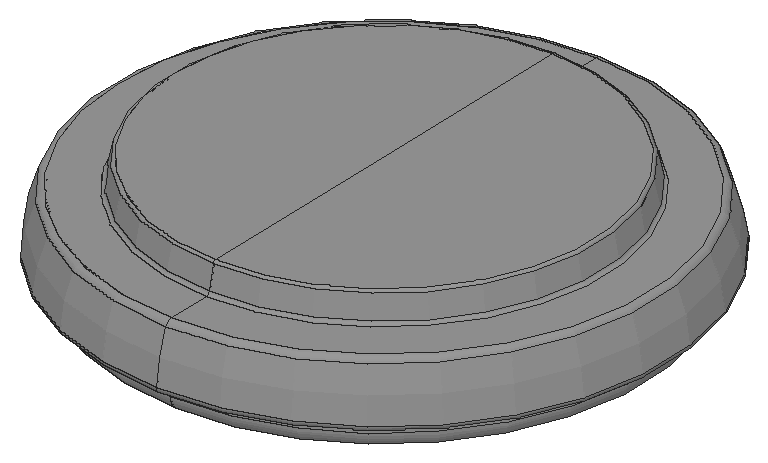
Revit family "FMK11_63_UN_Surface-mounted_ETK", category Lighting Fixtures, Revit 2017 (continued)
Definition of nested family "FMK.1 - Lightsource"
  Types (13, lengths in mm): name | Wattage Comments | Photometric Web File | built-in parameter 1150142 | Apparent Load
      3511\t396.567\t393.4076\t389.4614\t385.2324\t380.3628\r\n375.0971\t369.3074\t362.9584\t356.0822\t348.9057\t341.5547\t333.4658\t324.7233\t315.2043\t305.4599\r\n295.3979\t285.0138\t274.2949\t263.3441\t252.1436\t240.673\t229.1092\t216.7556\t203.6489\t190.6285\r\n177.6172\t164.6138\t151.9279\t138.069\t124.3573\t110.9691\t98.0454\t84.9215\t72.6465\t61.0698\r\n50.4112\t40.6936\t35.2704\t0\t0\t0\r\n405.3384\t404.7358\t403.6054\t401.6444\t399.3643\t396.5593\t393.314\t389.4309\t385.2102\t380.3495\r\n375.0755\t369.3024\t362.9627\t356.1346\t348.8119\t341.1533\t333.0509\t324.8191\t315.78\t306.215\r\n295.8199\t285.344\t274.4807\t263.3654\t252.0105\t240.3294\t228.4188\t216.2955\t204.1547\t190.9552\r\n177.6559\t164.3516\t151.1392\t138.0976\t124.9346\t111.112\t97.7813\t85.0908\t72.4995\t60.8236\r\n50.1998\t40.6227\t31.9768\t0\t0\t0\r\n405.3384\t404.7394\t403.6288\t401.6757\t399.3884\t396.5714\t393.3026\t389.3159\t385.1739\t380.3831\r\n375.0444\t369.2837\t362.956\t356.1295\t348.8706\t341.18\t332.9079\t324.3902\t315.4019\t306.3387\r\n296.4924\t286.1092\t274.9998\t263.7539\t252.2169\t240.3569\t228.2903\t215.9582\t203.4707\t190.8257\r\n178.1521\t164.6391\t151.0517\t137.6572\t124.4578\t111.6543\t98.0732\t84.9738\t72.5741\t60.6864\r\n50.0183\t40.4977\t31.9697\t4.8432\t0\t0\r\n405.3384\t404.7427\t403.6495\t401.7142\t399.4239\t396.6035\t393.3116\t389.2988\t385.0507\t380.3528\r\n375.0118\t369.216\t362.9424\t356.1024\t348.8405\t341.157\t332.9643\t324.4004\t315.2581\t305.8867\r\n296.1029\t285.938\t275.5954\t264.5683\t253.012\t240.8416\t228.6197\t216.12\t203.4137\t190.5511\r\n177.5394\t164.5113\t151.5042\t137.8415\t124.2858\t111.0124\t98.1587\t85.3964\t72.5721\t60.6586\r\n49.8431\t40.3398\t31.931\t24.5537\t0\t0\r\n405.3384\t404.7456\t403.6676\t401.9218\t399.4709\t396.6554\t393.3437\t389.317\t385.04\t380.243\r\n374.8993\t369.1788\t362.9127\t356.0814\t348.8285\t341.0552\t332.9667\t324.3861\t315.3329\t305.9127\r\n296.0531\t285.7481\t275.1336\t264.1996\t252.9355\t241.4903\t229.4495\t216.9446\t203.9312\t190.8555\r\n177.6361\t164.3347\t151.0106\t137.654\t124.597\t111.2218\t97.8665\t85.0744\t72.9905\t60.8587\r\n49.815\t40.1794\t31.9054\t24.5054\t0\t0\r\n405.3384\t404.7481\t403.6828\t401.9564\t399.6914\t396.7268\t393.4009\t389.3708\t385.0755\t380.2591\r\n374.9017\t369.0922\t362.8034\t355.9918\t348.805\t341.0277\t332.9542\t324.3714\t315.323\t305.9089\r\n296.0316\t285.7934\t275.1661\t264.1403\t252.8273\t241.0499\t229.0201\t216.7244\t204.2369\t191.596\r\n178.5079\t164.9396\t151.3939\t137.7973\t124.3337\t110.9506\t97.9162\t85.2011\t72.5165\t60.7879\r\n50.1751\t40.1846\t31.8501\t23.7681\t2.338\t0\r\n405.3384\t404.7502\t403.6952\t401.9835\t399.7343\t396.9809\t393.6545\t389.6213\t385.1579\t380.3298\r\n374.9735\t369.1608\t362.846\t356.0361\t348.7566\t340.9866\t332.8783\t324.3112\t315.2718\t305.9036\r\n296.0215\t285.8004\t275.1776\t264.1337\t252.8169\t241.0716\t228.9767\t216.6471\t204.0279\t191.1324\r\n178.1226\t164.8871\t151.6027\t138.2841\t125.113\t111.6596\t98.1698\t85.1028\t72.5249\t60.7088\r\n49.8427\t40.2477\t31.8931\t21.6048\t12.7168\t0\r\n405.3384\t404.7519\t403.7047\t402.0029\t399.7635\t397.03\t393.713\t389.7065\t385.4214\t380.5969\r\n375.2629\t369.475\t363.1447\t356.3663\t348.9144\t341.1566\t333.0078\t324.4526\t315.4033\t305.9527\r\n296.0665\t285.8226\t275.1844\t264.1482\t252.8009\t241.0835\t228.992\t216.6758\t204.0446\t191.1483\r\n178.0991\t164.8272\t151.446\t137.9974\t124.5467\t111.2577\t98.1105\t85.2503\t72.8411\t61.1518\r\n50.0901\t40.257\t31.8235\t18.932\t9.3489\t0\r\n405.3384\t404.7532\t403.7114\t402.0142\t399.7786\t397.0514\t393.739\t389.7475\t385.4637\t380.6413\r\n375.3272\t369.5568\t363.2361\t356.4824\t349.2137\t341.4886\t333.3185\t324.7975\t315.7614\t306.3155\r\n296.46\t286.2066\t275.5669\t264.5527\t253.1872\t241.5059\t229.4265\t217.1363\t204.5303\t191.6199\r\n178.5573\t165.3425\t151.9521\t138.4682\t125.0895\t111.6993\t98.5664\t85.5623\t73.0265\t61.1343\r\n50.1318\t40.4051\t31.9542\t21.7475\t6.5313\t5.115\r\n405.3384\t404.754\t403.7153\t402.0176\t399.7799\t397.0445\t393.7329\t389.7445\t385.4448\t380.6084\r\n375.2927\t369.5081\t363.1813\t356.4003\t348.9923\t341.2089\t333.0605\t324.4816\t315.4612\t305.9997\r\n296.1643\t285.8652\t275.2287\t264.2095\t252.8526\t241.1526\t229.101\t216.7417\t204.1781\t191.2242\r\n178.2221\t164.9153\t151.5534\t138.1498\t124.6539\t111.3162\t98.1603\t85.2342\t72.8561\t61.1128\r\n50.0588\t40.2091\t31.6937\t20.0166\t8.2012\t0\r\n405.3384\t404.7543\t403.7164\t402.013\t399.7671\t397.0096\t393.6945\t389.6977\t385.2046\t380.352\r\n375.0326\t369.2271\t362.9198\t356.1028\t348.9072\t341.0925\t332.98\t324.3798\t315.392\t305.9858\r\n296.2178\t285.8843\t275.26\t264.2624\t252.9154\t241.2093\t229.1994\t216.7906\t204.2527\t191.2919\r\n178.3227\t165.0516\t151.7425\t138.4595\t125.2028\t111.7417\t98.2552\t85.1615\t72.5973\t60.695\r\n49.8045\t40.1873\t31.7885\t21.7366\t11.2598\t0\r\n405.3384\t404.7542\t403.7146\t402.0006\t399.7406\t396.7678\t393.4611\t389.4878\t385.1447\t380.2959\r\n374.9894\t369.1909\t362.9156\t356.0932\t349.0203\t341.1855\t333.0998\t324.4896\t315.505\t306.0503\r\n296.2967\t285.9572\t275.331\t264.3672\t253.0197\t241.2839\t229.3045\t217.0032\t204.5011\t191.8693\r\n178.7706\t165.2052\t151.6675\t138.0714\t124.5282\t111.1465\t98.0318\t85.3325\t72.6503\t60.8256\r\n50.1888\t40.1684\t31.7403\t23.8387\t2.1341\t0\r\n405.3384\t404.7538\t403.7099\t401.9802\t399.5366\t396.7102\t393.425\t389.473\t385.1305\t380.2987\r\n375.0145\t369.3042\t363.0627\t356.2162\t349.106\t341.2551\t333.1682\t324.5601\t315.5632\t306.141\r\n296.3633\t286.0264\t275.4542\t264.555\t253.2624\t241.8449\t229.7806\t217.3072\t204.2808\t191.2288\r\n177.9866\t164.6878\t151.3619\t138.0114\t124.8764\t111.4955\t98.1121\t85.3017\t73.1816\t61.0006\r\n49.9354\t40.2492\t31.8581\t24.0616\t0\t0\r\n405.3384\t404.7529\t403.7024\t401.7855\t399.5057\t396.672\t393.4155\t389.4941\t385.1611\t380.4304\r\n375.1514\t369.3736\t363.1395\t356.2714\t349.1759\t341.3116\t333.2219\t324.6532\t315.5562\t306.2275\r\n296.4426\t286.3163\t276.0481\t265.0023\t253.4229\t241.2876\t229.0238\t216.5536\t203.8543\t191.005\r\n177.9846\t164.9422\t151.916\t138.291\t124.7136\t111.4068\t98.5597\t85.7613\t72.9154\t60.9832\r\n50.0561\t40.469\t32.0115\t24.4608\t0\t0\r\n405.3384\t404.7516\t403.6921\t401.7609\t399.4864\t396.6542\t393.4316\t389.5502\t385.2972\t380.4985\r\n375.2108\t369.4721\t363.1917\t356.3183\t349.193\t341.3957\t333.2365\t324.7362\t315.7989\t306.7788\r\n296.9084\t286.5675\t275.5271\t264.2722\t252.7027\t240.881\t228.7997\t216.5107\t204.0057\t191.4\r\n178.6746\t165.1736\t151.62\t138.2129\t125.0328\t112.2055\t98.6188\t85.54\t73.0956\t61.0986\r\n50.3019\t40.733\t32.2345\t4.8967\t0\t0\r\n405.3384\t404.75\t403.6788\t401.7433\t399.4783\t396.6572\t393.4722\t389.7044\t385.3553\t380.5675\r\n375.2574\t369.5435\t363.2413\t356.3845\t349.1744\t341.4877\t333.4438\t325.2596\t316.2784\t306.7217\r\n296.3214\t285.8791\t275.0611\t263.9604\t252.5538\t240.9175\t229.0191\t216.9459\t204.7661\t191.62\r\n178.311\t165.0395\t151.8279\t138.8308\t125.6546\t111.8365\t98.5513\t85.8398\t73.1455\t61.3695\r\n50.6583\t41.0273\t32.3467\t0\t0\t0\r\n405.3384\t404.7481\t403.4984\t401.7323\t399.4809\t396.6816\t393.6002\t389.7628\t385.3879\t380.6249\r\n375.3103\t369.6017\t363.2788\t356.4193\t349.3183\t342.0005\t333.9181\t325.234\t315.723\t306.0027\r\n295.9581\t285.6313\t274.9371\t264.0009\t252.7885\t241.3531\t229.8173\t217.4635\t204.4063\t191.4145\r\n178.427\t165.4423\t152.7479\t138.9494\t125.2565\t111.8804\t98.9846\t85.7966\t73.4077\t61.7586\r\n51.0678\t41.3029\t35.9314\t0\t0\t0\r\n405.3384\t404.7459\t403.4868\t401.7275\t399.4939\t396.8049\t393.6964\t389.8271\t385.4477\t380.6827\r\n375.3624\t369.5737\t363.2853\t356.625\t349.7894\t342.1135\t333.759\t324.599\t315.3556\t305.743\r\n295.8442\t285.6417\t275.1541\t264.3786\t253.3631\t242.055\t229.5599\t217.0052\t204.3824\t191.6906\r\n178.9998\t166.3228\t152.4157\t138.7896\t125.4113\t112.3666\t98.8823\t86.0884\t73.8385\t62.2076\r\n51.4507\t41.5049\t9.2672\t0\t0\t0\r\n405.3384\t404.7435\t403.478\t401.7288\t399.5168\t396.8915\t393.7354\t389.8846\t385.51\t380.7375\r\n375.3452\t369.6573\t363.4574\t357.1354\t349.7768\t341.6159\t333.1585\t324.3199\t315.1808\t305.7265\r\n295.9778\t285.8984\t275.6341\t265.1894\t253.7973\t241.5638\t229.4041\t217.1091\t204.7446\t192.3795\r\n179.7114\t165.8581\t152.3268\t139.0102\t125.9366\t112.2715\t99.1358\t86.5458\t74.2047\t62.612\r\n51.7507\t41.5902\t0\t0\t0\t0\r\n405.3384\t404.741\t403.4718\t401.7355\t399.6011\t396.9432\t393.7681\t389.932\t385.5756\t380.7897\r\n375.443\t369.7964\t363.9098\t357.1325\t349.266\t341.3026\t332.9179\t324.2017\t315.1981\t305.9037\r\n296.2962\t286.4176\t276.3927\t264.9598\t253.3075\t241.5117\t229.5688\t217.5503\t205.6807\t192.889\r\n179.2192\t165.8323\t152.6025\t139.6031\t125.8415\t112.4783\t99.6521\t86.8233\t74.5452\t62.9366\r\n51.9651\t45.2945\t0\t0\t0\t0\r\n405.3384\t404.7384\t403.468\t401.7035\t399.6374\t396.995\t393.7953\t389.976\t385.6432\t380.7904\r\n375.5949\t370.2269\t363.9316\t356.6257\t349.0084\t341.1154\t332.8331\t324.2647\t315.4008\t306.248\r\n296.8025\t287.1037\t276.0069\t264.7758\t253.2929\t241.7441\t230.0366\t218.4803\t205.6712\t192.4158\r\n179.2213\t166.1495\t153.2387\t139.4918\t125.9849\t112.9057\t99.9291\t87.1192\t74.8871\t63.2173\r\n52.1109\t27.9746\t0\t0\t0\t0\r\n405.3384\t404.7356\t403.4661\t401.721\t399.6762\t397.0462\t393.8176\t390.0145\t385.6532\t380.9042\r\n376.0431\t370.2884\t363.5098\t356.3413\t348.8597\t341.046\t332.9079\t324.5096\t315.7699\t306.7777\r\n297.4737\t286.6989\t275.8167\t264.7874\t253.5532\t242.2253\t231.0102\t218.411\t205.3993\t192.4497\r\n179.5316\t166.8\t153.159\t139.579\t126.3414\t113.3926\t100.1751\t87.4289\t75.1955\t63.4659\r\n52.2017\t0\t0\t0\t0\t0\r\n405.3384\t404.733\t403.4662\t401.7455\t399.7183\t397.0964\t393.8361\t390.0426\t385.7336\t381.0623\r\n376.1774\t370.1947\t363.2695\t356.1775\t348.8218\t341.077\t333.1051\t324.8433\t316.2831\t307.407\r\n297.0552\t286.507\t275.8559\t265.0142\t254.068\t243.1527\t230.9509\t218.1938\t205.4481\t192.7251\r\n180.2403\t166.8035\t153.224\t139.9046\t126.9133\t113.5219\t100.4126\t87.721\t75.5131\t63.7099\r\n57.0316\t0\t0\t0\t0\t0\r\n405.3384\t404.5716\t403.4386\t401.8549\t399.7644\t397.1477\t393.8153\t390.002\t385.8374\t381.4986\r\n376.1612\t369.7301\t363.0994\t356.1235\t348.8626\t341.2479\t333.4258\t325.2712\t316.9727\t307.0391\r\n296.8833\t286.5553\t276.0726\t265.4683\t254.9632\t243.4246\t230.701\t218.2156\t205.734\t193.2729\r\n180.506\t166.8251\t153.4668\t140.3769\t127.1788\t113.733\t100.6865\t88.0472\t75.8087\t63.919\r\n43.4528\t0\t0\t0\t0\t0\r\n405.3384\t404.5695\t403.4417\t401.8908\t399.8151\t397.1871\t393.8464\t390.0614\t385.9622\t381.6097\r\n376.0288\t369.5594\t362.993\t356.1449\t348.9704\t341.541\t333.8527\t326.0241\t316.6929\t306.8713\r\n296.8954\t286.7633\t276.4678\t266.0998\t255.327\t242.9729\t230.7031\t218.4384\t206.1859\t193.9199\r\n180.3346\t166.9807\t153.8693\t140.944\t127.3398\t114.0243\t101.0379\t88.3884\t76.1048\t64.1488\r\n6.9749\t0\t0\t0\t0\t0\r\n405.3384\t404.5686\t403.4473\t401.9294\t399.8708\t397.2314\t393.888\t390.1481\t386.3292\t381.6146\r\n375.6081\t369.4572\t362.9708\t356.227\t349.1889\t341.9177\t334.6149\t326.1454\t316.446\t306.8487\r\n297.0678\t287.1294\t277.0477\t266.8305\t254.9174\t242.9076\t230.8971\t218.8564\t206.9584\t193.7008\r\n180.4704\t167.3299\t154.3451\t141.0443\t127.5319\t114.3124\t101.4067\t88.7971\t76.469\t71.0786\r\n0\t0\t0\t0\t0\t0\r\n405.3384\t404.569\t403.4551\t401.9709\t399.9722\t397.2767\t393.8644\t390.2693\t386.4315\t381.5224\r\n375.4757\t369.3969\t363.0172\t356.385\t349.5164\t342.3709\t334.9069\t325.7199\t316.401\t306.979\r\n297.3492\t287.6224\t277.9395\t266.5253\t254.8042\t243.0641\t231.2325\t219.4481\t206.9163\t193.7663\r\n180.6898\t167.7888\t154.9305\t141.1807\t127.788\t114.6467\t101.7684\t89.1631\t76.8256\t62.9035\r\n0\t0\t0\t0\t0\t0\r\n405.3384\t404.5705\t403.4652\t402.0157\t400.0296\t397.3244\t393.9524\t390.3898\t386.4749\t381.113\r\n375.39\t369.382\t363.1266\t356.6158\t349.8921\t343.0771\t334.5968\t325.6122\t316.4672\t307.1637\r\n297.7815\t288.4949\t278.1045\t266.4097\t254.8889\t243.3295\t231.7654\t220.041\t206.912\t193.9248\r\n181.0884\t168.4498\t154.9864\t141.4211\t128.0925\t114.9955\t102.1644\t89.5728\t77.2034\t43.5306\r\n0\t0\t0\t0\t0\t0\r\n405.3384\t404.5732\t403.4775\t402.0644\t400.0795\t397.3766\t394.0366\t390.7644\t386.4775\t380.975\r\n375.3478\t369.4303\t363.2985\t356.906\t350.3047\t343.2698\t334.4485\t325.6355\t316.6363\t307.5138\r\n298.2746\t288.9228\t277.7118\t266.4225\t255.1174\t243.7588\t232.5514\t219.9024\t207.0118\t194.237\r\n181.5343\t168.8621\t155.1371\t141.6853\t128.4567\t115.4149\t102.6013\t89.9956\t77.5994\t6.1612\r\n0\t0\t0\t0\t0\t0\r\n405.3384\t404.605\t403.4921\t402.1706\t400.1256\t397.4349\t394.1374\t390.8498\t386.4029\t380.8564\r\n375.3437\t369.5284\t363.5073\t357.2499\t350.9824\t342.9428\t334.3995\t325.7395\t316.8926\t307.9367\r\n299.1107\t288.6921\t277.6635\t266.5801\t255.4385\t244.3047\t232.8477\t219.9489\t207.2573\t194.6292\r\n182.2468\t168.8709\t155.3197\t141.9922\t128.8173\t115.8454\t103.0693\t90.4482\t83.823\t0\r\n0\t0\t0\t0\t0\t0\r\n405.3384\t404.6092\t403.5089\t402.2202\t400.1649\t397.5054\t394.2569\t390.9141\t386.0396\t380.7981\r\n375.3806\t369.6687\t363.7508\t357.6622\t351.1724\t342.8014\t334.443\t325.8965\t317.2661\t308.4567\r\n299.4568\t288.5546\t277.7444\t266.8384\t255.8901\t245.0273\t232.652\t220.0806\t207.5676\t195.1229\r\n182.656\t169.0149\t155.5887\t142.3178\t129.2005\t116.2829\t103.5207\t90.9268\t73.3602\t0\r\n0\t0\t0\t0\t0\t0\r\n405.3384\t404.614\t403.5281\t402.2649\t400.1971\t397.5179\t394.3957\t390.9455\t385.9448\t380.7925\r\n375.4413\t369.8494\t364.0508\t358.3505\t351.161\t342.7657\t334.5401\t326.1385\t317.6475\t309.3183\r\n299.1891\t288.5712\t277.89\t267.2003\t256.4247\t245.3251\t232.6711\t220.2807\t207.9213\t195.8312\r\n182.7021\t169.2073\t155.8647\t142.6715\t129.6369\t116.7502\t103.9952\t91.3868\t55.3711\t0\r\n0\t0\t0\t0\t0\t0\r\n405.3384\t404.6195\t403.5495\t402.3045\t400.1849\t397.5978\t394.5611\t390.9396\t385.8781\t380.8033\r\n375.5216\t370.0613\t364.3857\t358.5968\t350.8049\t342.7895\t334.6808\t326.4772\t318.1163\t309.6303\r\n299.1657\t288.6692\t278.1592\t267.6065\t257.2226\t245.1417\t232.8538\t220.5787\t208.3699\t196.2276\r\n182.7779\t169.4445\t156.1917\t143.0507\t130.0526\t117.1893\t104.4737\t91.888\t14.9821\t0\r\n0\t0\t0\t0\t0\t0\r\n405.3384\t404.6254\t403.6469\t402.3383\t400.2215\t397.6657\t394.9951\t390.922\t385.84\t380.8256\r\n375.6462\t370.3021\t364.75\t358.7051\t350.7659\t342.8768\t334.8803\t326.8245\t318.9273\t309.6814\r\n299.1757\t288.8703\t278.4899\t268.1142\t257.5065\t245.2123\t233.0786\t220.9546\t208.9027\t196.5301\r\n182.9565\t169.6559\t156.4872\t143.4595\t130.5097\t117.6817\t104.9699\t100.108\t0.6502\t0\r\n0\t0\t0\t0\t0\t0\r\n405.3384\t404.6318\t403.6785\t402.3663\t400.2653\t397.732\t395.2235\t390.6501\t385.8302\t380.8791\r\n375.8045\t370.5591\t365.4\t358.3926\t350.7621\t343.0161\t335.1646\t327.2095\t319.3184\t309.3844\r\n299.2447\t289.0934\t278.9038\t268.8799\t257.3545\t245.3439\t233.3422\t221.3813\t209.5947\t196.4708\r\n183.1827\t169.9774\t156.8633\t143.857\t130.9408\t118.1517\t105.4613\t92.7841\t0\t0\r\n0\t0\t0\t0\t0\t0\r\n405.3384\t404.6385\t403.7052\t402.3881\t400.3166\t397.7952\t395.3429\t390.6457\t385.8372\t380.9677\r\n375.9682\t370.8385\t365.6602\t358.3552\t350.8047\t343.1988\t335.4588\t327.6657\t319.4853\t309.4034\r\n299.4263\t289.3714\t279.3274\t269.2917\t257.4272\t245.5406\t233.6779\t221.8454\t209.9683\t196.6268\r\n183.419\t170.2891\t157.2574\t144.3065\t131.442\t118.6656\t105.9935\t80.5222\t0\t0\r\n0\t0\t0\t0\t0\t0\r\n405.3384\t404.6457\t403.7326\t402.3665\t400.4161\t397.857\t395.396\t390.6723\t385.8834\t381.0767\r\n376.1402\t371.1325\t365.8072\t358.3418\t350.9131\t343.3865\t335.8213\t328.3888\t319.2622\t309.4538\r\n299.6286\t289.7446\t279.8181\t269.489\t257.5447\t245.7949\t234.0481\t222.3431\t210.2072\t196.8266\r\n183.6843\t170.6331\t157.653\t144.7457\t131.9283\t119.1863\t106.5168\t64.2232\t0\t0\r\n0\t0\t0\t0\t0\t0\r\n405.3384\t404.653\t403.7604\t402.3925\t400.4719\t397.9008\t395.3299\t390.7762\t385.9545\t381.2013\r\n376.3717\t371.4185\t365.8707\t358.3762\t351.0464\t343.6475\t336.1597\t328.7689\t319.2512\t309.5955\r\n299.8696\t290.1313\t280.5664\t269.3554\t257.7081\t246.0696\t234.4691\t223.0433\t210.1501\t197.0336\r\n183.9883\t170.9859\t158.0592\t145.1996\t132.404\t119.6892\t118.4422\t23.1728\t0\t0\r\n0\t0\t0\t0\t0\t0\r\n405.3384\t404.6607\t403.7887\t402.4189\t400.5194\t397.9841\t395.3017\t390.8021\t386.0595\t381.3509\r\n376.609\t372.0059\t365.5606\t358.4337\t351.2047\t343.9111\t336.5735\t328.9592\t319.3349\t309.7464\r\n300.1592\t290.5524\t280.9613\t269.4605\t257.9307\t246.4161\t234.914\t223.4171\t210.3211\t197.2897\r\n184.2922\t171.347\t158.483\t145.6681\t132.9075\t120.2165\t117.0674\t9.6552\t0\t0\r\n0\t0\t0\t0\t0\t0\r\n405.3384\t404.6686\t403.8173\t402.4487\t400.4786\t398.0829\t395.2688\t390.7871\t386.236\t381.5158\r\n376.8425\t372.2831\t365.5322\t358.5043\t351.3888\t344.1966\t336.967\t329.1152\t319.3903\t309.9762\r\n300.4823\t290.9786\t281.208\t269.6236\t258.201\t246.7695\t235.373\t223.7185\t210.5437\t197.5625\r\n184.62\t171.7433\t158.9199\t146.1384\t133.4045\t120.7201\t112.4944\t0\t0\t0\r\n0\t0\t0\t0\t0\t0\r\n405.3384\t404.6766\t403.8462\t402.4819\t400.4915\t398.4796\t395.2303\t390.7186\t386.3508\t381.7085\r\n377.0908\t372.472\t365.5842\t358.5935\t351.5911\t344.5067\t337.626\t328.8535\t319.5738\t310.1918\r\n300.8214\t291.4589\t281.3564\t269.774\t258.4546\t247.1517\t236.0692\t223.714\t210.7672\t197.8524\r\n184.9795\t172.1582\t159.3682\t146.6102\t133.9159\t121.2568\t105.4062\t0\t0\t0\r\n0\t0\t0\t0\t0\t0\r\n405.3384\t404.6848\t403.8753\t402.5301\t400.5307\t398.583\t395.2103\t390.7119\t386.3893\t381.9396\r\n377.3461\t372.6104\t365.6471\t358.7464\t351.8034\t344.8396\t337.9433\t328.9321\t319.7183\t310.4987\r\n301.2264\t292.1181\t281.2334\t270.0005\t258.7428\t247.5101\t236.4684\t223.8595\t211.0006\t198.1587\r\n185.3479\t172.5544\t159.8035\t147.094\t134.4184\t121.7849\t96.4328\t0\t0\t0\r\n0\t0\t0\t0\t0\t0\r\n405.3384\t404.6931\t403.9067\t402.5674\t400.5765\t398.6722\t394.9664\t390.7235\t386.4539\t382.113\r\n377.6242\t372.7081\t365.7225\t358.9132\t352.048\t345.1659\t338.1961\t329.0359\t319.9072\t310.7682\r\n301.6096\t29
      2.5131\t281.4098\t270.2271\t259.073\t247.9351\t236.8476\t224.0483\t211.2287\t198.4476\r\n185.6936\t172.9579\t160.2642\t147.5784\t134.9349\t122.3252\t86.1454\t0\t0\t0\r\n0\t0\t0\t0\t0\t0\r\n405.3384\t404.7013\t403.9355\t402.6047\t400.6279\t398.7442\t394.9797\t390.7624\t386.5296\t382.2487\r\n377.8767\t372.7829\t365.8114\t359.0821\t352.3163\t345.4969\t338.3782\t329.1822\t320.1148\t311.0453\r\n301.9788\t292.7783\t281.6012\t270.5091\t259.4318\t248.3563\t237.1582\t224.2779\t211.525\t198.7849\r\n186.0555\t173.3757\t160.7092\t148.07\t135.4623\t122.8612\t75.0755\t0\t0\t0\r\n0\t0\t0\t0\t0\t0\r\n405.3384\t404.7096\t403.9642\t402.6417\t400.696\t398.8169\t394.9997\t390.8276\t386.6209\t382.4\r\n378.4045\t372.5543\t365.9079\t359.2494\t352.5682\t345.8699\t338.5647\t329.3189\t320.3594\t311.3938\r\n302.3891\t292.9835\t281.7699\t270.7837\t259.7753\t248.7659\t237.4402\t224.5309\t211.8182\t199.1223\r\n186.4527\t173.7952\t161.1646\t148.546\t135.9422\t136.5574\t36.2712\t0\t0\t0\r\n0\t0\t0\t0\t0\t0\r\n405.3384\t404.7178\t403.9929\t402.6782\t400.7519\t398.8854\t395.026\t390.892\t386.7324\t382.5558\r\n378.6203\t372.6325\t366.0305\t359.4259\t352.8102\t346.4602\t338.6937\t329.5211\t320.6143\t311.6861\r\n302.7765\t293.2351\t282.0305\t271.0823\t260.1226\t249.1874\t237.6911\t224.7942\t212.1326\t199.4867\r\n186.8497\t174.2259\t161.627\t149.0287\t136.4442\t136.3962\t26.9716\t0\t0\t0\r\n0\t0\t0\t0\t0\t0\r\n405.3384\t404.6914\t404.0217\t402.7091\t400.8043\t398.9593\t395.0594\t390.9615\t386.8432\t382.7092\r\n378.801\t372.7103\t366.1644\t359.6071\t353.0451\t346.7466\t338.5155\t329.6953\t320.856\t312.0088\r\n303.4086\t293.141\t282.2549\t271.3663\t260.4867\t249.8243\t237.7137\t225.078\t212.4489\t199.8329\r\n187.2298\t174.6407\t162.0656\t149.4977\t136.955\t135.4145\t19.5256\t0\t0\t0\r\n0\t0\t0\t0\t0\t0\r\n405.3384\t404.7005\t404.0507\t402.746\t400.8525\t399.0149\t395.1063\t391.0352\t386.9537\t382.8571\r\n378.9473\t372.7817\t366.3088\t359.7982\t353.2745\t346.9636\t338.607\t329.856\t321.0835\t312.3124\r\n303.7495\t293.3407\t282.511\t271.6734\t260.8498\t250.2149\t237.9693\t225.3524\t212.7549\t200.1806\r\n187.6084\t175.0519\t162.4906\t149.9475\t137.4166\t133.8797\t13.6311\t0\t0\t0\r\n0\t0\t0\t0\t0\t0\r\n405.3384\t404.7108\t404.0796\t402.7843\t400.8877\t399.06\t395.1456\t391.1188\t387.0668\t382.9967\r\n379.0731\t372.8602\t366.4344\t359.992\t353.5293\t347.231\t338.7751\t330.037\t321.3186\t312.5878\r\n304.0399\t293.5366\t282.7541\t271.985\t261.2033\t250.5727\t238.235\t225.6682\t213.1063\t200.5484\r\n187.9915\t175.44\t162.9051\t150.3796\t137.8499\t132.1112\t9.049\t0\t0\t0\r\n0\t0\t0\t0\t0\t0\r\n405.3384\t404.7219\t404.1089\t402.8238\t400.9307\t399.0883\t395.1801\t391.1927\t387.1857\t383.169\r\n379.2169\t372.9472\t366.5494\t360.1591\t353.7665\t347.4796\t338.9588\t330.2784\t321.6039\t312.9326\r\n304.37\t293.7905\t283.028\t272.2877\t261.5559\t250.9361\t238.5243\t225.9828\t213.451\t200.9164\r\n188.3884\t175.864\t163.3455\t150.8322\t138.3259\t130.4379\t5.5781\t0\t0\t0\r\n0\t0\t0\t0\t0\t0\r\n405.3384\t404.7342\t404.1351\t402.865\t400.9737\t399.12\t395.2037\t391.2563\t387.2891\t383.3216\r\n379.3873\t373.0758\t366.7069\t360.3353\t353.9603\t347.6673\t339.1189\t330.4846\t321.8502\t313.2065\r\n304.6365\t294.0074\t283.3053\t272.5923\t261.8888\t251.2466\t238.8042\t226.288\t213.7758\t201.2543\r\n188.7472\t176.2444\t163.7419\t151.2436\t138.7407\t128.9732\t3.0455\t0\t0\t0\r\n0\t0\t0\t0\t0\t0\r\n405.3384\t404.7473\t404.1652\t402.9077\t401.0164\t399.1498\t395.2384\t391.3183\t387.3793\t383.4461\r\n379.5207\t373.2102\t366.8716\t360.5312\t354.1897\t347.8811\t339.3172\t330.7163\t322.1136\t313.5188\r\n304.9383\t294.2817\t283.5867\t272.897\t262.2085\t251.5646\t239.0978\t226.5986\t214.1015\t201.6074\r\n189.1137\t176.6257\t164.1331\t151.6523\t139.1633\t127.9276\t1.3255\t0\t0\t0\r\n0\t0\t0\t0\t0\t0\r\n405.3384\t404.7615\t404.1956\t402.9517\t401.0448\t399.145\t395.2486\t391.3511\t387.4664\t383.5602\r\n379.6494\t373.3451\t367.0309\t360.7181\t354.3931\t348.0876\t339.524\t330.9519\t322.3792\t313.8076\r\n305.2448\t294.5755\t283.8944\t273.2262\t262.5489\t251.8832\t239.4077\t226.9344\t214.4518\t201.9798\r\n189.4978\t177.0255\t164.5446\t152.064\t139.5954\t127.4356\t0.3276\t0\t0\t0\r\n0\t0\t0\t0\t0\t0" | 12 VA
